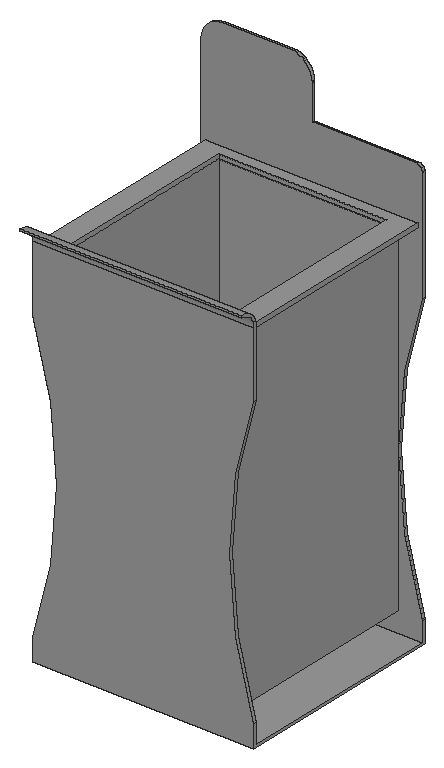
Revit family "Урна для раздельного сбора мусора «Патрия» Арт 12768", category Антураж, Revit 2018
Family settings
  На основе рабочей плоскости = Нет
  Всегда вертикально = Да
  При загрузке вырезать с полостями = Нет
  Источник визуального образа = Геометрия семейства
  Общий = Нет
  Точка расчета площади = Нет
Parameters (values of type "Одинарный")
  Ширина = 480 mm  # constant formula
  Цвет крышки = Цвет крышки
  Цвет каркаса = Сталь покраска
  Цвет бака = Цвет бака
  Description = "Урна для раздельного сбора мусора «Патрия» "  # constant formula
  Материал изделия = "Сталь"  # constant formula
  Изображение типоразмера = Урна для раздельного сбора мусора «Патрия» Арт 12768.jpg
  Manufacturer = "ООО «Хоббика» "  # constant formula
  Длина = 500 mm  # constant formula
  Группа модели = "Уличные урны"  # constant formula
  Высота бака = 850 mm  # constant formula
  Высота = 1100 mm  # constant formula
  Артикул товара = "Арт. 12768"  # constant formula
  URL = "https://hobbyka.ru/product/urna_dlya_razdelnogo_sbora_musora_patriya/"
Reference planes
  plane 1 "По центру (Вперед/Назад)": y = 0
  plane 2: z = 0
  plane 3 "По центру (Влево/Вправо)": x = 0
  plane 4: x = 500
  plane 5: y = 480
  plane 6: z = 1100
  plane 7: z = 850
Forms (mm)
  Extrusion 1, solid, material "Сталь покраска" <- "Цвет каркаса"
    sketch origin (0, 0, 0) x (0, 1, 0) y (0, 0, 1)
      loop
        line (480, 1100) -> (475, 1100) -> (475, 5) -> (5, 5) -> (5, 850)
        arc (5, 850) -> (-6.82, 878.536) -> (-35.355, 890.355) r 40.355
        line (-35.355, 890.355) -> (-35.355, 885.355)
        arc (-35.355, 885.355) -> (-10.355, 875) -> (0, 850) r 35.355
        line (0, 850) -> (0, 0) -> (480, 0) -> (480, 1100)
    from 0 to 500
  Extrusion 2, void
    sketch origin (0, 475, 1100) x (0, 0, 1) y (1, 0, 0)
      loop
        arc (0, 50) -> (-14.645, 14.645) -> (-50, 0) r 50
        line (-50, 0) -> (15.858, 0) -> (15.858, 500) -> (-144.142, 500)
        arc (-144.142, 500) -> (-134.142, 495.858) -> (-130, 485.858) r 14.142
        line (-130, 485.858) -> (-130, 251.304) -> (-50, 251.304)
        arc (-50, 251.304) -> (-14.645, 236.659) -> (0, 201.304) r 50
        line (0, 201.304) -> (0, 50)
    from 0 to 5
  Extrusion 3, solid, material "Цвет крышки" <- "Цвет крышки"
    sketch origin (0, 0, 0) x (1, 0, 0) y (0, 1, 0)
      loop
        line (10, 475) -> (10, 5) -> (490, 5) -> (490, 475) -> (10, 475)
      loop
        line (60, 30) -> (440, 30) -> (440, 450) -> (60, 450) -> (60, 30)
    from 840 to 850
  Extrusion 4, void
    sketch origin (0, 0, 0) x (1, 0, 0) y (0, 0, 1)
      loop
        arc (500, 700) -> (445.714, 375) -> (500, 50) r 1000
        line (500, 50) -> (500, 700)
      loop
        line (0, 700) -> (0, 50)
        arc (0, 50) -> (54.286, 375) -> (0, 700) r 1000
    from -480 to 0
  Extrusion 5, solid, material "Цвет бака" <- "Цвет бака"
    sketch origin (0, 0, 0) x (1, 0, 0) y (0, 1, 0)
      loop
        line (55, 475) -> (55, 5) -> (445, 5) -> (445, 475) -> (55, 475)
    from 50 to 840
  Extrusion 6, void
    sketch origin (0, 0, 0) x (1, 0, 0) y (0, 1, 0)
      loop
        line (60, 450) -> (60, 30) -> (440, 30) -> (440, 450) -> (60, 450)
    from 55 to 840
Cuts and joins
  Extrusion 2, Extrusion 4, Extrusion 6 cuts Extrusion 1
  Extrusion 6 cuts Extrusion 5
Dimensions and locks
  "Длина": plane 3 "По центру (Влево/Вправо)" to plane 4
  "Ширина": plane 5 to plane 1 "По центру (Вперед/Назад)"
  "Высота": plane 6 to level
  "Высота бака": plane 7 to level
  aligned and locked: level to plane 2
Automatic sketch dimensions
  Extrusion 1 sketch curve to Extrusion 1 sketch curve = 0 mm
  Extrusion 1 sketch curve to plane 7 = 0 mm
  Extrusion 1 sketch curve to plane 1 "По центру (Вперед/Назад)" = 0 mm
  Extrusion 1 sketch curve to plane 6 = 0 mm
  Extrusion 1 sketch curve to level = 0 mm
  Extrusion 1 sketch curve to plane 5 = 0 mm
  plane 1 "По центру (Вперед/Назад)" to Extrusion 1 sketch curve = 35.355 mm
  Extrusion 1 sketch curve to Extrusion 1 sketch curve = 5 mm  (x2)
  level to Extrusion 1 sketch curve = 5 mm
  plane 3 "По центру (Влево/Вправо)" to Extrusion 3 sketch curve = 10 mm
  Extrusion 3 sketch curve to plane 4 = 10 mm
  Extrusion 3 sketch curve to plane 1 "По центру (Вперед/Назад)" = 5 mm
  Extrusion 3 sketch curve to plane 5 = 5 mm
  Extrusion 3 sketch curve to Extrusion 3 sketch curve = 25 mm  (x2)
  Extrusion 3 sketch curve to Extrusion 3 sketch curve = 50 mm  (x2)
  Extrusion 2 sketch curve to Extrusion 1 = 0 mm  (x2)
  Extrusion 1 to Extrusion 2 sketch curve = 0 mm  (x2)
  Extrusion 2 sketch curve to Extrusion 2 sketch curve = 50 mm  (x2)
  Extrusion 2 sketch curve to Extrusion 2 sketch curve = 14.142 mm
  Extrusion 1 to Extrusion 2 sketch curve = 15.858 mm
  Extrusion 2 sketch curve to Extrusion 2 sketch curve = 151.304 mm
  Extrusion 2 sketch curve to Extrusion 1 = 50 mm
  Extrusion 2 sketch curve to Extrusion 2 sketch curve = 80 mm
  Extrusion 4 sketch curve to plane 3 "По центру (Влево/Вправо)" = 0 mm
  Extrusion 4 sketch curve to plane 4 = 0 mm
  level to Extrusion 4 sketch curve = 375 mm  (x2)
  Extrusion 4 sketch curve to plane 3 "По центру (Влево/Вправо)" = 945.714 mm
  level to Extrusion 4 sketch curve = 50 mm  (x2)
  plane 4 to Extrusion 4 sketch curve = 945.714 mm
  Extrusion 5 sketch curve to plane 1 "По центру (Вперед/Назад)" = 5 mm
  plane 3 "По центру (Влево/Вправо)" to Extrusion 5 sketch curve = 55 mm
  Extrusion 5 sketch curve to plane 4 = 55 mm
  Extrusion 5 sketch curve to plane 5 = 5 mm
  Extrusion 6 sketch curve to plane 1 "По центру (Вперед/Назад)" = 30 mm
  plane 3 "По центру (Влево/Вправо)" to Extrusion 6 sketch curve = 60 mm
  Extrusion 6 sketch curve to plane 4 = 60 mm
  Extrusion 6 sketch curve to plane 5 = 30 mm
